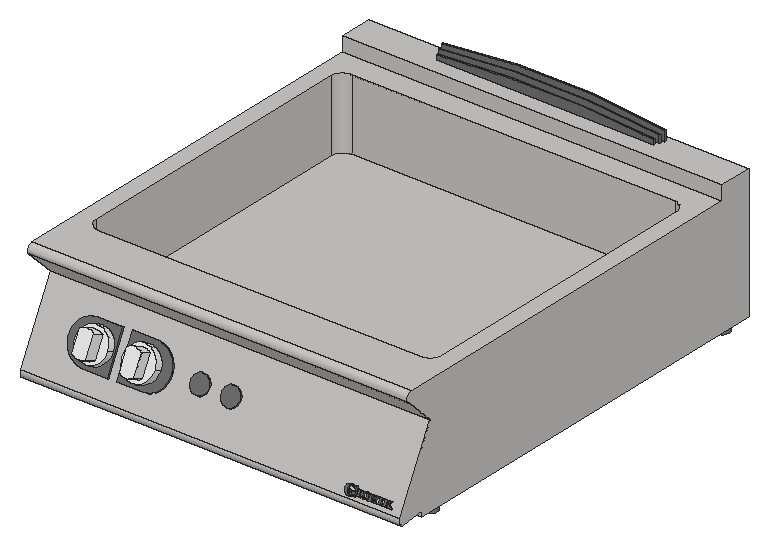
Revit family "QF_GIORIK_BM940T", category Specialty Equipment, Revit 2014
Parameters (values of type "BM940T")
  Weight in Pounds = 0
  Watts = 3300 W
  Waste Water Discharge Temperature [instance] = 0 °C
  Volts = 230 V
  URL Cutsheet = "www.giorik.com"
  URL = "www.giorik.com"
  Status [instance] = ""
  Specification by User [instance] = ""
  Specification by Manufacturer = ""
  Show Logo [instance] = yes
  Show Clearance [instance] = yes
  Serial Number = ""
  Seismic Rating = ""
  SMACNA No = ""
  Revision Code [instance] = ""
  Plumbing Remarks [instance] = ""
  Plumbing Connection Type [instance] = ""
  Phase = 1
  Number of Poles [instance] = 1
  NAFEM Spec ID Number = ""
  Model = "BM940T"
  Min Ckt Ampacity = 0 A
  Max Overcurrent Protection = 0 A
  Masterspec = ""
  Manufacturer = "GIORIK"
  Item Number [instance] = ""
  Installed By [instance] = ""
  Indirect Waste Size = 1/2"
  Indirect Waste Flow = 0.0 L/s
  Indirect Waste Connection Type [instance] = ""
  Indirect Waste Connection Height [instance] = 20 mm
  Identify Quantity as Lot [instance] = no
  HP = "4.425366000000"
  Furnished By [instance] = ""
  Foodservice Equipment Identifier [instance] = yes
  FL Amps = 0 A
  Electrical Remarks [instance] = ""
  Electric Connection Type [instance] = ""
  Elec Conn RI Height [instance] = 0 mm
  Elec Conn Connection Height [instance] = 20 mm
  Description = "ELECTRIC BAIN MARIE - COUNTERTOP VERSION"
  Cycle = 50 Hz
  Conn Plug = ""
  Conn Conduit [instance] = no
  Cold Water Temperature Recommended = 0 °C
  Cold Water Size = 1/2"
  Cold Water RI Height [instance] = 20 mm
  Cold Water Minimum Pressure = 20000.0 Pa
  Cold Water Maximum Pressure = 50000.0 Pa
  Cold Water Flow [instance] = 0.0 L/s
  Cold Water Consumption [instance] = ""
  Cold Water Connection Height [instance] = 20 mm
  CSI MasterFormat = ""
  Assembly Code = "E1090320"
  Apparent Power = 3300 VA
Reference planes
  plane 1 "Back": y = 0
  plane 2: z = 0
  plane 3 "Left": x = 0
  plane 4 "Right": x = 800
  plane 5 "Front": y = -920
  plane 6 "Top": z = 300
Forms (mm)
  Extrusion 1, solid, visible <- "Show Logo"
    sketch origin (586.604, -936.761, 9.486) x (-1, 0, 0) y (0, 0.452718, 0.891654)
      loop
        line (-118.824, 58.358) -> (-127.804, 58.358) -> (-125.523, 56.445) -> (-125.523, 48.027) -> (-127.804, 46.113) -> (-118.824, 46.113) -> (-121.105, 48.027) -> (-121.105, 56.445) -> (-118.824, 58.358)
      loop
        line (-163.721, 58.358) -> (-172.7, 58.358) -> (-170.42, 56.445) -> (-170.42, 48.027) -> (-172.7, 46.113) -> (-163.721, 46.113) -> (-166.001, 48.027) -> (-166.001, 56.445) -> (-163.721, 58.358)
      loop
        line (-174.332, 58.358) -> (-183.312, 58.358) -> (-181.031, 56.445) -> (-181.031, 52.435) -> (-186.419, 56.955) -> (-184.416, 58.358) -> (-191.268, 58.358) -> (-188.01, 56.839) -> (-185.455, 54.283) -> (-190.846, 47.858) -> (-193.396, 46.93) -> (-193.396, 46.113) -> (-184.416, 46.113) -> (-185.437, 47.571) -> (-182.443, 51.552) -> (-181.031, 50.894) -> (-181.031, 48.027) -> (-183.312, 46.113) -> (-174.332, 46.113) -> (-176.613, 48.027) -> (-176.613, 56.445) -> (-174.332, 58.358)
      loop
        line (-115.429, 62.063) -> (-115.429, 54.198)
        arc (-115.429, 54.198) -> (-111.618, 57.803) -> (-106.847, 59.986) r 16.039
        arc (-106.847, 59.986) -> (-103.314, 59.837) -> (-100.512, 57.68) r 5.851
        arc (-100.512, 57.68) -> (-98.815, 52.267) -> (-100.512, 46.853) r 9.479
        arc (-100.512, 46.853) -> (-102.406, 44.986) -> (-104.846, 43.93) r 7.236
        arc (-104.846, 43.93) -> (-107.728, 44.111) -> (-110.052, 45.825) r 5.11
        line (-110.052, 45.825) -> (-110.052, 52.001) -> (-116.141, 52.001) -> (-116.141, 45.503) -> (-117.893, 43.751) -> (-114.094, 44.769)
        arc (-114.094, 44.769) -> (-112.56, 44.947) -> (-111.129, 44.366) r 3.115
        arc (-111.129, 44.366) -> (-104.216, 42.091) -> (-97.303, 44.366) r 11.641
        arc (-97.303, 44.366) -> (-93.396, 52.107) -> (-97.303, 59.849) r 9.622
        arc (-97.303, 59.849) -> (-104.369, 62.174) -> (-111.435, 59.849) r 11.898
        line (-111.435, 59.849) -> (-115.429, 62.063)
      loop
        arc (-129.234, 56.068) -> (-135.893, 58.628) -> (-142.552, 56.068) r 9.941
        arc (-142.552, 56.068) -> (-144.234, 52.286) -> (-142.552, 48.505) r 5.093
        arc (-142.552, 48.505) -> (-135.893, 45.945) -> (-129.234, 48.505) r 9.941
        arc (-129.234, 48.505) -> (-127.552, 52.286) -> (-129.234, 56.068) r 5.093
      loop
        arc (-132.628, 54.403) -> (-135.893, 57.668) -> (-139.158, 54.403) r 3.265
        line (-139.158, 54.403) -> (-139.158, 50.169)
        arc (-139.158, 50.169) -> (-135.893, 46.904) -> (-132.628, 50.169) r 3.265
        line (-132.628, 50.169) -> (-132.628, 54.403)
      loop
        arc (-156.363, 58.365) -> (-159.647, 55.081) -> (-156.363, 51.796) r 3.285
        line (-156.363, 51.796) -> (-159.529, 47.306) -> (-162.087, 46.113) -> (-155.847, 46.113) -> (-153.529, 51.083) -> (-150.637, 51.083) -> (-150.637, 47.784) -> (-153.022, 46.113) -> (-144.011, 46.113) -> (-146.094, 47.68) -> (-146.094, 56.493) -> (-144.229, 58.365) -> (-156.363, 58.365)
      loop
        line (-150.637, 57.512) -> (-153.637, 57.512)
        arc (-153.637, 57.512) -> (-156.237, 54.912) -> (-153.637, 52.312) r 2.6
        line (-153.637, 52.312) -> (-150.637, 52.312) -> (-150.637, 57.512)
      loop
        line (-108.924, 52.001) -> (-104.936, 49.005) -> (-100.948, 52.001) -> (-108.924, 52.001)
    from 1.5 to -0.5
  Extrusion 2, solid
    sketch origin (-4, 0, 5) x (1, 0, 0) y (0, 1, 0)
      loop
        circle (54, -385) r 12.5
    from 0 to 15
  Extrusion 3, solid
    sketch origin (0, 800, -620) x (0, 1, 0) y (0, 0, 1)
      loop
        line (-800, 919.988) -> (-870, 919.988) -> (-870, 889.988) -> (-1688.806, 889.988)
        arc (-1688.806, 889.988) -> (-1699.151, 883.075) -> (-1696.724, 870.873) r 11.197
        line (-1696.724, 870.873) -> (-1640.876, 815.025) -> (-1718.948, 661.258)
        arc (-1718.948, 661.258) -> (-1718.233, 650.105) -> (-1708.118, 645.354) r 10.981
        line (-1708.118, 645.354) -> (-1660, 649.925) -> (-1660, 640) -> (-800, 640) -> (-800, 919.988)
    from 0 to 800
  Extrusion 4, solid
    sketch origin (-293.221, -1163.345, -547.637) x (1, 0, 0) y (0, 0.452718, 0.891654)
      loop
        line (463.221, 676.25) -> (463.221, 766.25) -> (409.698, 766.25)
        arc (409.698, 766.25) -> (364.698, 721.25) -> (409.698, 676.25) r 45
        line (409.698, 676.25) -> (463.221, 676.25)
    from 48 to 50
  Extrusion 5, solid
    sketch origin (481.331, -1208.697, -525.041) x (-1, 0, 0) y (0, -0.45351, -0.891251)
      loop
        circle (351.331, -721.346) r 35
    from 0 to 15
  Extrusion 6, solid
    sketch origin (481.331, -1208.697, -525.041) x (-1, 0, 0) y (0, -0.45351, -0.891251)
      loop
        arc (336.331, -743.846) -> (351.331, -748.846) -> (366.331, -743.846) r 25
        line (366.331, -743.846) -> (366.331, -698.846)
        arc (366.331, -698.846) -> (351.331, -693.846) -> (336.331, -698.846) r 25
        line (336.331, -698.846) -> (336.331, -743.846)
    from 15 to 40
  Extrusion 7, void
    sketch origin (0, -200, 219.988) x (0, 1, 0) y (-1, 0, 0)
      loop
        arc (80, -60) -> (72.678, -42.322) -> (55, -35) r 25
        line (55, -35) -> (-565.002, -35)
        arc (-565.002, -35) -> (-582.68, -42.322) -> (-590.002, -60) r 25
        line (-590.002, -60) -> (-590.002, -740)
        arc (-590.002, -740) -> (-582.68, -757.678) -> (-565.002, -765) r 25
        line (-565.002, -765) -> (55, -765)
        arc (55, -765) -> (72.678, -757.678) -> (80, -740) r 25
        line (80, -740) -> (80, -60)
    from -100 to 50
  Extrusion 8, solid
    sketch origin (415, -175, 119.988) x (0, 1, 0) y (-1, 0, 0)
      loop
        circle (-565.918, -311.344) r 20
    from 0 to 2
  Extrusion 9, solid
    sketch origin (653.221, -1163.345, -547.637) x (-1, 0, 0) y (0, -0.452718, -0.891654)
      loop
        line (463.221, -676.25) -> (409.698, -676.25)
        arc (409.698, -676.25) -> (364.698, -721.25) -> (409.698, -766.25) r 45
        line (409.698, -766.25) -> (463.221, -766.25) -> (463.221, -676.25)
    from 48 to 50
  Extrusion 10, solid
    sketch origin (-121.331, -1208.697, -525.041) x (1, 0, 0) y (0, 0.45351, 0.891251)
      loop
        circle (351.331, 721.346) r 35
    from 0 to 15
  Extrusion 11, solid
    sketch origin (-121.331, -1208.697, -525.041) x (1, 0, 0) y (0, 0.45351, 0.891251)
      loop
        line (336.331, 743.846) -> (336.331, 698.846)
        arc (336.331, 698.846) -> (351.331, 693.846) -> (366.331, 698.846) r 25
        line (366.331, 698.846) -> (366.331, 743.846)
        arc (366.331, 743.846) -> (351.331, 748.846) -> (336.331, 743.846) r 25
    from 15 to 40
  Extrusion 12, solid
    sketch origin (101.156, -1136.65, -384.615) x (0, -0.452718, -0.891654) y (-1, 0, 0)
      loop
        circle (-565.918, -311.344) r 20
    from 0 to 2
  Extrusion 13, solid
    sketch origin (35.811, -1136.65, -384.615) x (0, -0.452718, -0.891654) y (-1, 0, 0)
      loop
        circle (-565.918, -311.344) r 20
    from 0 to 2
  Extrusion 14, solid
    sketch origin (400, 0, -25) x (0, 1, 0) y (-1, 0, 0)
      loop
        circle (-54, -313) r 6.35
    from 30 to 45
  Extrusion 15, solid
    sketch origin (400, 0, -25) x (0, 1, 0) y (-1, 0, 0)
      loop
        circle (-129, -162) r 12.5
    from 30 to 45
  Extrusion 16, solid
    sketch origin (36.031, 0, -610.001) x (1, 0, 0) y (0, 0, 1)
      loop
        line (135, 909.989) -> (592.969, 909.989) -> (592.969, 919.989) -> (440.969, 929.989) -> (287, 929.989) -> (135, 919.989) -> (135, 909.989)
    from 32 to 35
  Extrusion 17, solid
    sketch origin (38, 10, -610.001) x (1, 0, 0) y (0, 0, 1)
      loop
        line (594, 909.989) -> (594, 924.989) -> (440, 937.489) -> (284, 937.489) -> (130, 925.001) -> (130, 909.989) -> (594, 909.989)
    from 32 to 35
  Extrusion 18, solid
    sketch origin (40, 20, -610.001) x (1, 0, 0) y (0, 0, 1)
      loop
        line (595, 909.989) -> (595, 930.001) -> (439, 945.258) -> (281, 945.258) -> (125, 929.989) -> (125, 909.989) -> (595, 909.989)
    from 32 to 35
  Extrusion 19, solid
    sketch origin (543.603, 45.293, -30) x (0, 1, 0) y (-1, 0, 0)
      loop
        circle (-79.293, 516.603) r 5
    from 41.965 to 50
  Revolve 20, solid
    sketch origin (27, 49.943, -600) x (0, 1, 0) y (0, 0, 1)
      loop
        line (-83.943, 611.965) -> (-94.752, 611.965) -> (-97.943, 600) -> (-83.943, 600) -> (-83.943, 611.965)
      axis (-83.943, 611.965) -> (-83.943, 600)
    angle from 0 to 360
  Extrusion 21, solid
    sketch origin (256.397, 45.293, -30) x (0, 1, 0) y (-1, 0, 0)
      loop
        circle (-79.293, -516.603) r 5
    from 41.965 to 50
  Revolve 22, solid
    sketch origin (773, 49.943, -600) x (0, 1, 0) y (0, 0, -1)
      loop
        line (-83.943, -611.965) -> (-83.943, -600) -> (-97.943, -600) -> (-94.752, -611.965) -> (-83.943, -611.965)
      axis (-83.943, -611.965) -> (-83.943, -600)
    angle from 0 to 360
  Extrusion 23, solid
    sketch origin (543.603, -724.474, -30) x (0, 1, 0) y (-1, 0, 0)
      loop
        circle (-79.293, 516.603) r 5
    from 41.965 to 50
  Revolve 24, solid
    sketch origin (27, -719.825, -600) x (0, 1, 0) y (0, 0, 1)
      loop
        line (-83.943, 611.965) -> (-94.752, 611.965) -> (-97.943, 600) -> (-83.943, 600) -> (-83.943, 611.965)
      axis (-83.943, 611.965) -> (-83.943, 600)
    angle from 0 to 360
  Extrusion 25, solid
    sketch origin (256.397, -724.474, -30) x (0, 1, 0) y (-1, 0, 0)
      loop
        circle (-79.293, -516.603) r 5
    from 41.965 to 50
  Revolve 26, solid
    sketch origin (773, -719.825, -600) x (0, 1, 0) y (0, 0, -1)
      loop
        line (-83.943, -611.965) -> (-83.943, -600) -> (-97.943, -600) -> (-94.752, -611.965) -> (-83.943, -611.965)
      axis (-83.943, -611.965) -> (-83.943, -600)
    angle from 0 to 360
Cuts and joins
  Extrusion 7 cuts Extrusion 3
Lines and regions (mm)
  symbolic lines, style "200-EquipBorder-2D"
    curve 1: line (0, -920, 0) -> (800, -920, 0)
    curve 2: line (800, -920, 0) -> (800, 0, 0)
    curve 3: line (800, 0, 0) -> (0, 0, 0)
    curve 4: line (0, 0, 0) -> (0, -920, 0)
  symbolic lines, style "200-EquipInternal-2D"
    curve 5: line (0, -70, 300) -> (800, -70, 300)
    curve 6: line (740, -120, 300) -> (60, -120, 300)
    curve 7: arc (60, -120, 300) -> (42.322, -127.322, 300) -> (35, -145, 300) r 25
    curve 8: line (35, -145, 300) -> (35, -765, 300)
    curve 9: arc (765, -145, 300) -> (757.678, -127.322, 300) -> (740, -120, 300) r 25
    curve 10: line (765, -765, 300) -> (765, -145, 300)
    curve 11: arc (740, -790, 300) -> (757.678, -782.678, 300) -> (765, -765, 300) r 25
    curve 12: line (60, -790, 300) -> (740, -790, 300)
    curve 13: arc (35, -765, 300) -> (42.322, -782.678, 300) -> (60, -790, 300) r 25
    curve 14: circle (726.344, -740.918, 300) r 20 normal (0, 0, 1)
    curve 15: line (165, -12, 300) -> (165, -15, 300)
    curve 16: line (635, -12, 300) -> (165, -12, 300)
    curve 17: line (165, -15, 300) -> (635, -15, 300)
    curve 18: line (632, -22, 300) -> (168, -22, 300)
    curve 19: line (168, -22, 300) -> (168, -25, 300)
    curve 20: line (168, -25, 300) -> (632, -25, 300)
    curve 21: line (171.031, -35, 300) -> (629, -35, 300)
    curve 22: line (171.031, -32, 300) -> (171.031, -35, 300)
    curve 23: line (629, -32, 300) -> (171.031, -32, 300)
    curve 24: line (635, -15, 300) -> (635, -12, 300)
    curve 25: line (632, -25, 300) -> (632, -22, 300)
    curve 26: line (629, -35, 300) -> (629, -32, 300)
Dimensions and locks
  plane 3 "Left" to plane 4 "Right" = 800 mm
  plane 5 "Front" to plane 1 "Back" = 920 mm
  plane 4 "Right" to plane 3 "Left" = 800 mm
  plane 1 "Back" to plane 5 "Front" = 920 mm
  plane 6 "Top" to level = 300 mm  (x2)
  aligned and locked: level to plane 2
Connectors
  electrical at (50, -385, 5), driven by "Apparent Power", driven by "Volts", driven by "Number of Poles"
    settings: on Extrusion 2, index 1, voltage 230 V, apparent load 0 VA, apparent load phase1 3300 VA, apparent load phase2 0 VA, apparent load phase3 0 VA, power factor 1, load classification "Other", number of poles 1, system type 31, power factor state 1, is connector primary yes, connector utility no, sub classification motor no, connector description "Electrical connector"
  piping at (713, -54, 5), diameter 12.7, driven by "Cold Water Size", driven by "Cold Water Flow"
    settings: on Extrusion 14, index 2, connector inside diameter 24", connector length 0 mm, flow factor 0, pipe flow 0.0 L/s, pressure drop 0.0 Pa, fitting loss kfactor 0, connector angle 0.00°, fixture units 0, engagement length 0 mm, angle of deflection 0.00°, flow configuration 1, flow direction 1, fitting loss method 0, system type 20, joint type 0, gender type 0, connector reference index -1, connector utility 0, adjustable connector no, is connector primary yes, connector description "Water inlet"
  piping at (562, -129, 5), diameter 12.7, driven by "Indirect Waste Size", driven by "Indirect Waste Flow"
    settings: on Extrusion 15, index 3, connector inside diameter 24", connector length 0 mm, flow factor 0, pipe flow 0.0 L/s, pressure drop 0.0 Pa, fitting loss kfactor 0, connector angle 0.00°, fixture units 0, engagement length 0 mm, angle of deflection 0.00°, flow configuration 1, flow direction 2, fitting loss method 0, system type 16, joint type 0, gender type 0, connector reference index -1, connector utility 0, adjustable connector no, is connector primary no, connector description "Water drain"
